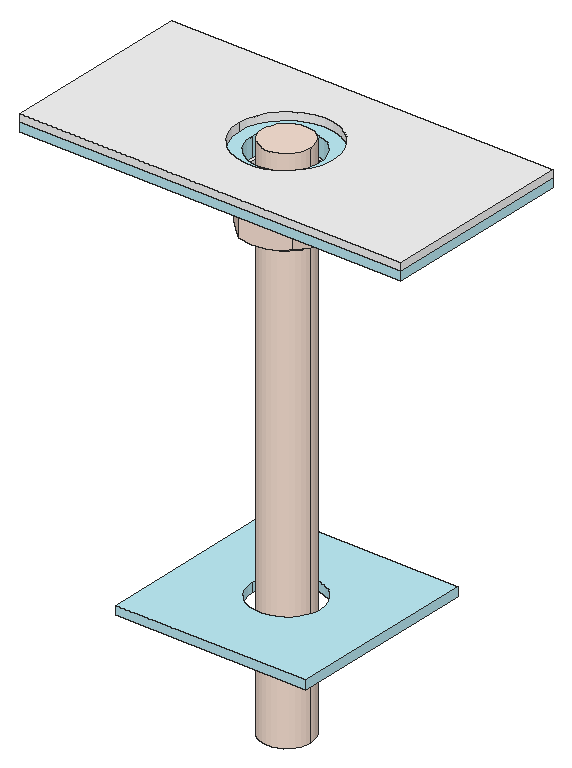
Revit family "GTクイーン埋込タイプ", category 機械設備, Revit 2020
Family settings
  丸型コネクタ寸法 = 直径を使用
  種別 = なし
  パーツ タイプ = 標準
  作業面ベース = いいえ
  常に垂直 = はい
  ロード時にボイドで切り取り = いいえ
  共有 = いいえ
  部屋計算ポイント = いいえ
Parameters
  製造元 = "株式会社桐井製作所"
  既定の高さ = 0 mm
  URL = "https://www.kirii.co.jp/"
  K_名称 = "GTクイーン埋込タイプ"
  K_備考 = "ボルト長さ60mm~250mmまで対応"
  K_バージョン情報 = "20221212"
Reference planes
  plane 1 "中心(正面/背面)": y = 0
  plane 2: z = 0
  plane 3 "中心(左/右)": x = 0
Dimensions and locks
  aligned and locked: level to plane 2
Nested families
  nested 1: "クッションゴムGTクイーン用" at (0.038, 0, 107.3), type "クッションゴムGTクイーン用"
  nested 2: "受け金具GTクイーン用" at (0, 0, 107.3) x (1, 0, 0) z (0, 0, -1), type "受け金具GTクイーン用"
  nested 3: "1／2”ナット" at (0.076, 0, 99.1) x (1, 0, 0) z (0, 0, -1), type "1／2”ナット"
  nested 4: "1／2”スプリングワッシャー" at (-0.038, 0, 99.1), type "1／2”スプリングワッシャー"
  nested 5: "調整座金" at (0.076, 0, 0), type "調整座金"
  nested 6: "1／2”ボルト" at (0.038, 0, -30), type "1／2”ボルト"
    with K_長さ(mm) 140 mm
Definition of nested family "クッションゴムGTクイーン用"
  Parameters (values of type "クッションゴムGTクイーン用")
    Manufacturer = "株式会社桐井製作所"
    Default Elevation = 0 mm
    URL = "https://www.kirii.co.jp/"
    K_材質 = "天然ゴム"
    K_名称 = "クッションゴムGTクイーン用"
    K_単位質量(kg/個) = 0.013
    K_バージョン情報 = "20221219"
    K_JIS規格 = "JIS Ｋ 6386"
  Reference planes
    plane 1 "中心(正面/背面)": y = 0
    plane 2: z = 0
    plane 3 "中心(左/右)": x = 0
  Forms (mm)
    Extrusion 1, solid
      sketch origin (0, 0, -108.4) x (-1, 0, 0) y (0, 0, 1)
        loop
          line (50, 108.4) -> (50, 110.4) -> (-50, 110.4) -> (-50, 108.4) -> (50, 108.4)
      from -25 to 25
    Extrusion 2, void
      sketch origin (0, 0, 0) x (1, 0, 0) y (0, 1, 0)
        loop
          circle (0, 0) r 12.5
      from 0 to 2
  Cuts and joins
    Extrusion 2 cuts Extrusion 1
  Dimensions and locks
    aligned and locked: level to plane 2
Definition of nested family "受け金具GTクイーン用"
  Parameters (values of type "受け金具GTクイーン用")
    Manufacturer = "株式会社桐井製作所"
    Default Elevation = 0 mm
    URL = "https://www.kirii.co.jp/"
    K_表面処理 = "Z12以上"
    K_材質 = "溶融亜鉛めっき鋼板及び鋼帯 JIS G 3302"
    K_名称 = "GTクイーン用受け金具"
    K_単位質量(kg/個) = 0.092
    K_バージョン情報 = "20221219"
  Reference planes
    plane 1 "中心(正面/背面)": y = 0
    plane 2: z = 0
    plane 3 "中心(左/右)": x = 0
  Forms (mm)
    Extrusion 1, solid
      sketch origin (0, 0, 0) x (1, 0, 0) y (0, 0, 1)
        loop
          line (-50, 2.3) -> (-50, 0) -> (50, 0) -> (50, 2.3) -> (-50, 2.3)
      from -25 to 25
    Revolve 2, solid
      sketch origin (0, 0, 0) x (1, 0, 0) y (0, 0, 1)
        loop
          line (0, 5) -> (0, 2.3) -> (17.5, 2.3)
          arc (17.5, 2.3) -> (16.21, 4.247) -> (14, 5) r 3.619
          line (14, 5) -> (0, 5)
        axis (0, 5) -> (0, 2.3)
      angle from 0 to 360
    Extrusion 3, void
      sketch origin (0, 0, 0) x (1, 0, 0) y (0, 1, 0)
        loop
          circle (-0.139, 0) r 9
      from 0 to 5
    Extrusion 4, void
      sketch origin (0, 0, 0) x (1, 0, 0) y (0, 1, 0)
        loop
          circle (-35.139, -10) r 2
        loop
          circle (34.861, 10) r 2
      from 0 to 2.3
  Cuts and joins
    Extrusion 3, Extrusion 4 cuts Extrusion 1
    Extrusion 3, Extrusion 4 cuts Revolve 2
    joined: Extrusion 1, Revolve 2
  Dimensions and locks
    aligned and locked: level to plane 2
Definition of nested family "1／2”ナット"
  Parameters (values of type "1／2”ナット")
    Manufacturer = "株式会社桐井製作所"
    Default Elevation = 0 mm
    URL = "https://www.kirii.co.jp/"
    K_表面処理 = "JIS H 8610 電気亜鉛めっき1級以上　JIS H 8625 1級CM1A以上"
    K_材質 = "軟鋼線材 JIS G 3505 同等以上"
    K_名称 = "1/2\"ナット"
    K_単位質量(kg/個) = 0.021
    K_バージョン情報 = "20221219"
  Reference planes
    plane 1 "中心(正面/背面)": y = 0
    plane 2: z = 0
    plane 3 "中心(左/右)": x = 0
  Forms (mm)
    Revolve 1, solid
      sketch origin (0, 0, 2.36) x (1, 0, 0) y (0, 0, 1)
        loop
          line (7, 7.64) -> (7, -2.36) -> (13, -2.36) -> (13, 4.782)
          arc (13, 4.782) -> (11.208, 6.863) -> (8.573, 7.64) r 4.858
          line (8.573, 7.64) -> (7, 7.64)
        axis (0, 7.64) -> (0, -2.36)
      angle from 0 to 360
    Extrusion 2, void
      sketch origin (0, 0, 0) x (1, 0, 0) y (0, 1, 0)
        loop
          circle (0, 0) r 14
        loop
          line (3.138, 11.711) -> (-8.573, 8.573) -> (-11.711, -3.138) -> (-3.138, -11.711) -> (8.573, -8.573) -> (11.711, 3.138) -> (3.138, 11.711)
      from 0 to 10
  Cuts and joins
    Extrusion 2 cuts Revolve 1
  Dimensions and locks
    aligned and locked: level to plane 2
Definition of nested family "1／2”スプリングワッシャー"
  Parameters (values of type "1／2”スプリングワッシャー")
    Manufacturer = "株式会社桐井製作所"
    Default Elevation = 0 mm
    URL = "https://www.kirii.co.jp/"
    K_表面処理 = "JIS H 8610 電気亜鉛めっき1級以上　JIS H 8625 1級CM1A以上"
    K_材質 = "軟鋼線材 JIS G 3505 同等以上"
    K_名称 = "1/2”スプリングワッシャー"
    K_単位質量(kg/個) = 0.001
    K_バージョン情報 = "20221219"
  Reference planes
    plane 1 "中心(正面/背面)": y = 0
    plane 2: z = 0
    plane 3 "中心(左/右)": x = 0
  Forms (mm)
    Extrusion 1, solid
      sketch origin (0, 0, 0) x (1, 0, 0) y (0, 1, 0)
        loop
          circle (0, 0.162) r 11
        loop
          circle (0, 0.162) r 8
      from 0 to 3.2
  Dimensions and locks
    aligned and locked: level to plane 2
Definition of nested family "調整座金"
  Parameters (values of type "調整座金")
    Manufacturer = "株式会社桐井製作所"
    Default Elevation = 0 mm
    URL = "https://www.kirii.co.jp/"
    K_表面処理 = "Z12以上"
    K_材質 = "溶融亜鉛めっき鋼板及び鋼帯 JIS G 3302"
    K_名称 = "調整座金"
    K_単位質量(kg/個) = 0.045
    K_バージョン情報 = "20221219"
  Reference planes
    plane 1 "中心(正面/背面)": y = 0
    plane 2: z = 0
    plane 3 "中心(左/右)": x = 0
  Forms (mm)
    Extrusion 1, solid
      sketch origin (0, 0, 0) x (1, 0, 0) y (0, 0, 1)
        loop
          line (-25, 2.3) -> (-25, 0) -> (25, 0) -> (25, 2.3) -> (-25, 2.3)
      from -25 to 25
    Extrusion 2, void
      sketch origin (-0.71, 0, 0) x (1, 0, 0) y (0, 1, 0)
        loop
          circle (0.71, 0) r 9
      from 0 to 2.3
  Cuts and joins
    Extrusion 2 cuts Extrusion 1
  Dimensions and locks
    aligned and locked: level to plane 2
Definition of nested family "1／2”ボルト"
  Parameters (values of type "1／2”ボルト")
    Manufacturer = "株式会社桐井製作所"
    Default Elevation = 0 mm
    URL = "https://www.kirii.co.jp/"
    K_長さ(mm) [instance] = 100 mm
    K_表面処理 = "JIS H 8610 電気亜鉛めっき1級以上　JIS H 8625 1級CM1A以上"
    K_材質 = "軟鋼線材　JIS G 3505　同等以上"
    K_名称 = "1/2”ボルト"
    K_単位質量(㎏/mm) = 0.075
    K_バージョン情報 = "20221219"
  Reference planes
    plane 1 "中心(正面/背面)": y = 0
    plane 2: z = 0
    plane 3 "中心(左/右)": x = 0
  Forms (mm)
    Extrusion 1, solid
      sketch origin (0.058, 0, 0) x (1, 0, 0) y (0, 1, 0)
        loop
          circle (-0.02, 0) r 6.35
      from 0 to 100
  Dimensions and locks
    "K_長さ(mm)": Extrusion 1 to Extrusion 1
    aligned and locked: level to plane 2
  Automatic sketch dimensions
    plane 1 "中心(正面/背面)" to Extrusion 1 sketch curve = 0 mm
    plane 3 "中心(左/右)" to Extrusion 1 sketch curve = 0.038 mm
    radius of Extrusion 1 sketch curve = 6.35 mm
